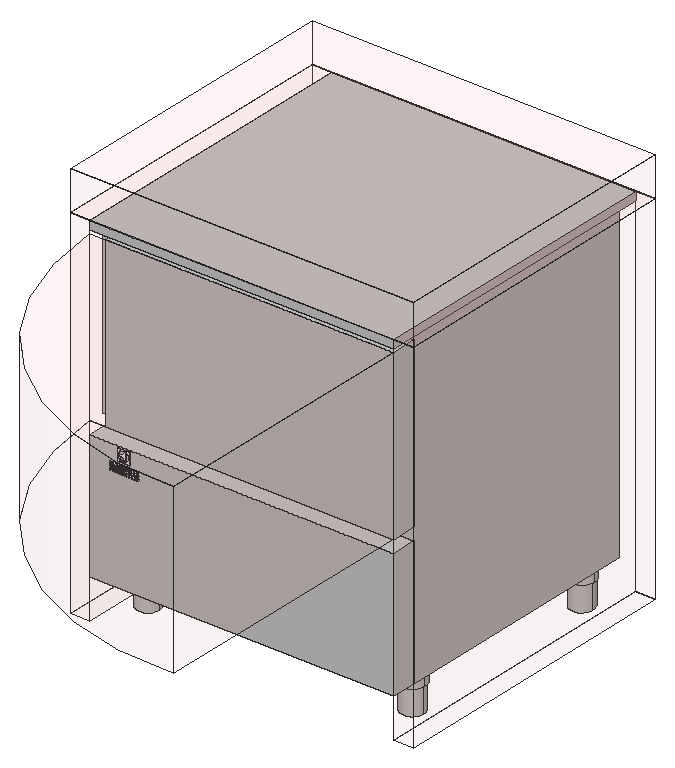
Revit family "QF_ELECTROLUXPROFESSIONAL_725446_ECBCFB025UE", category Attrezzature speciali, Revit 2018
Family settings
  Quota connettore circolare = Usa diametro
  Tipo di parte = Normale
  Basato su piano di lavoro = No
  Sempre verticale = Sì
  Taglio con vuoti quando caricato = No
  Condiviso = No
  Punto di calcolo locali = No
Parameters (values of type "Standard")
  Weight = 85.00 kg
  Watts = 1580 W
  Volts = 220 V
  URL Manufacturer = "https://www.electroluxprofessional.com/"
  URL = "https://www.electroluxprofessional.com/"
  Steam Supply Size = 0 mm
  Steam Supply Minimum Pressure = 0.0 Pa
  Steam Supply Maximum Pressure = 0.0 Pa
  Steam Consumption per Hour = 0
  Show Logo [instance] = yes
  Show Clearance [instance] = yes
  Refrigeration Suction Line Size = 0 mm
  Refrigeration Liquid Line Size = 0 mm
  Refrigerant Compressor Remote = yes
  Produttore = "Electrolux Professional"
  Phase = 1
  Modello = "ECBCFB025UE"
  Length Actual = 762 mm  # constant formula
  Item Number = "725446"
  Hot Water Size = 0 mm
  Height Actual = 902 mm  # constant formula
  HP = "2.1 HP"
  Gas Size = 0 mm
  Gas KW = 0
  Gas Input Pressure = 0 W
  Direct Waste Size = 0 mm
  Descrizione = "BLAST CHILLER/FREEZER CW 25KG 5 GN 1/1 - R448A"
  Depth Actual = 760 mm  # constant formula
  Cycle = 50 Hz
  Condensate Return Size = 0 mm
  Compressed Air Volume = 0.0 L/s
  Compressed Air Size = 0 mm
  Compressed Air Pressure = 0.0 Pa
  Cold Water Size = 0 mm
  Accessory = yes
Types (2, lengths in mm): name | URL | Produttore | Phase | Modello | Descrizione
  (no name) | 0 | 0 | 0 | 0 | 0
  Standard | "https://www.electroluxprofessional.com/" | "Electrolux Professional" | 1 | "ECBCFB025UE" | "BLAST CHILLER/FREEZER CW 25KG 5 GN 1/1 - R448A"
Values of the unnamed type that differ from the named types
  Weight = 0.00 kg
  Watts = 0 W
  Volts = 0 V
  URL Manufacturer = ""
  Item Number = ""
  HP = ""
  Cycle = 0 Hz
Reference planes
  plane 1 "Center X": y = 167.851
  plane 2: z = 0
  plane 3 "Center Y": x = -378
  plane 4 "LEFT": x = -759
  plane 5 "BACK": y = 547.851
  plane 6 "RIGHT": x = 3
  plane 7 "FRONT": y = -212.149
  plane 8: z = 100
  plane 9 "TOP": z = 902
  plane 10: x = -710
  plane 11: y = 440.851
  plane 12: x = -46
  plane 13: y = -52.149
  plane 14: y = 496.851
  plane 15: z = 882
  plane 16: y = -902.149
Forms (mm)
  Extrusion 1, solid, material "QF_Finishes_Stainless Steel"
    sketch origin (0, 0, 902) x (-1, 0, 0) y (0, -1, 0)
      loop
        line (759, -496.851) -> (759, 147.149) -> (-3, 147.149) -> (-3, -496.851) -> (759, -496.851)
    from -20 to -802
  Extrusion 2, solid, material "QF_Finishes_Stainless Steel"
    sketch origin (-499.727, 496.851, 794) x (1, 0, 0) y (0, 0, -1)
      loop
        circle (121.727, 644) r 10.5
    from 0 to 10
  Extrusion 3, solid, material "QF_Finishes_Stainless Steel"
    sketch origin (-1206.916, -1524, 100) x (-1, 0, 0) y (0, -1, 0)
      loop
        line (-447.916, -1311.851) -> (-1209.916, -1311.851) -> (-1209.916, -1376.851) -> (-447.916, -1376.851) -> (-447.916, -1311.851)
    from 320.766 to 0
  Extrusion 4, solid, material "QF_Finishes_Stainless Steel"
    sketch origin (-1225.916, -1562, 130) x (0, -1, 0) y (-1, 0, 0)
      loop
        circle (-1673.851, -847.916) r 9.5
    from 30 to 40
  Extrusion 5, solid, material "QF_Finishes_Stainless Steel"
    sketch origin (-623, 0, 1060.038) x (1, 0, 0) y (0, 1, 0)
      loop
        line (626, -212.149) -> (626, -147.149) -> (-136, -147.149) -> (-136, -212.149) -> (626, -212.149)
    from -186.804 to -608.038
  Extrusion 6, solid, material "QF_Finishes_Stainless Steel"
    sketch origin (-1206.916, -1524, 882) x (-1, 0, 0) y (0, -1, 0)
      loop
        line (-447.916, -2071.851) -> (-447.916, -1311.851) -> (-1209.916, -1311.851) -> (-1209.916, -2071.851) -> (-447.916, -2071.851)
    from 20 to 0
  Extrusion 7, solid, material "QF_Clearance", visible <- "Show Clearance"
    sketch origin (0, 0, 0) x (1, 0, 0) y (0, 1, 0)
      loop
        line (-759, 547.851) -> (-809, 547.851) -> (-809, -212.149) -> (-759, -212.149) -> (-759, 547.851)
      loop
        line (53, 547.851) -> (3, 547.851) -> (3, -212.149) -> (53, -212.149) -> (53, 547.851)
    from 0 to 902
  Extrusion 8, solid, material "QF_Clearance", visible <- "Show Clearance"
    sketch origin (0, 0, 0) x (1, 0, 0) y (0, 1, 0)
      loop
        line (-809, 547.851) -> (-809, -212.149) -> (53, -212.149) -> (53, 547.851) -> (-809, 547.851)
    from 902 to 1002
  Extrusion 9, void
    sketch origin (0, 0, 0) x (1, 0, 0) y (0, 1, 0)
      loop
        line (-759, -212.149) -> (-719, -212.149) -> (-719, -172.149) -> (-759, -172.149) -> (-759, -212.149)
    from 452 to 873.234
  Extrusion 10, solid, material "QF_Clearance"
    sketch origin (0, 0, 0) x (1, 0, 0) y (0, 1, 0)
      loop
        line (3, -902.149) -> (3, -212.149) -> (-759, -212.149)
        arc (-759, -212.149) -> (-521.162, -715.25) -> (3, -902.149) r 725.966
    from 452 to 873.234
Cuts and joins
  joined: Extrusion 1, Extrusion 2, Extrusion 4
  Extrusion 9 cuts Extrusion 3
  Extrusion 9 cuts Extrusion 7
  Extrusion 9 cuts Extrusion 5
Lines and regions (mm)
  Split face 1
    outline origin (3, -212.149, 100) x (-1, 0, 0) y (0, 0, -1)
      loop
        line (762, -254.5) -> (544.5, -254.5) -> (522.858, -232.858) -> (239.142, -232.858) -> (217.5, -254.5) -> (0, -254.5)
  Split face 2
    outline origin (3, -212.149, 100) x (-1, 0, 0) y (0, 0, -1)
      loop
        line (762, -212) -> (0, -212)
  Split face 3
    outline origin (3, -212.149, 100) x (-1, 0, 0) y (0, 0, -1)
      loop
        line (408.5, -305.998) -> (408.5, -290.998) -> (353.5, -290.998) -> (353.5, -305.998) -> (408.5, -305.998)
  Split face 4
    outline origin (3, -212.149, 75) x (-1, 0, 0) y (0, 0, -1)
      loop
        line (408.5, -305.998) -> (408.5, -290.998) -> (353.5, -290.998) -> (353.5, -305.998) -> (408.5, -305.998)
  symbolic lines
    curve 1: line (-759, 547.851, 902) -> (3, 547.851, 902)
    curve 2: line (-759, -212.149, 902) -> (-759, 547.851, 902)
    curve 3: line (3, 547.851, 902) -> (3, -212.149, 902)
    curve 4: line (3, -212.149, 0) -> (-759, -212.149, 0)
  symbolic lines, style "QF_Clearances"
    curve 5: line (-809, 547.851, 0) -> (-809, -212.149, 0)
    curve 6: line (-809, -212.149, 0) -> (-759, -212.149, 0)
    curve 7: line (53, 547.851, 0) -> (3, 547.851, 0)
    curve 8: line (53, 547.851, 0) -> (53, -212.149, 0)
    curve 9: line (-759, 547.851, 0) -> (-809, 547.851, 0)
    curve 10: line (3, -212.149, 0) -> (53, -212.149, 0)
  symbolic lines, style "QF_Door-Drawer Clearances"
    curve 11: arc (-759, -212.149, 0) -> (-521.162, -715.25, 0) -> (3, -902.149, 0) r 725.966
    curve 12: line (3, -902.149, 0) -> (3, -212.149, 0)
Dimensions and locks
  equal spacing: plane 4 "LEFT", plane 3 "Center Y", plane 6 "RIGHT"
  plane 4 "LEFT" to plane 6 "RIGHT" = 762 mm
  plane 5 "BACK" to plane 7 "FRONT" = 760 mm
  equal spacing: plane 5 "BACK", plane 1 "Center X", plane 7 "FRONT"
  cut or joined group of Extrusion 1, Extrusion 2, Extrusion 4 to Extrusion 2 sketch curve = 381 mm
  level to Extrusion 2 sketch curve = 150 mm
  plane 5 "BACK" to Extrusion 4 sketch curve = 436 mm
  plane 4 "LEFT" to Extrusion 4 sketch curve = 381 mm
  Extrusion 2 sketch curve to plane 4 "LEFT" = 381 mm
  plane 9 "TOP" to plane 2 = 902 mm
  locked: plane 9 "TOP" to plane 15 at 20
  plane 8 to level = 100 mm
  plane 6 "RIGHT" to plane 12 = 49 mm
  plane 5 "BACK" to plane 14 = 51 mm
  plane 5 "BACK" to plane 16 = 1450 mm
  aligned and locked: level to plane 2
  aligned and locked: plane 12 to nested 3
  aligned and locked: plane 12 to nested 2
  aligned and locked: nested 4 to plane 11
  aligned and locked: nested 3 to plane 11
  aligned and locked: Extrusion 1 to plane 4 "LEFT"
  aligned and locked: plane 6 "RIGHT" to Extrusion 1
  aligned and locked: plane 15 to cut or joined group of Extrusion 1, Extrusion 2, Extrusion 4
  aligned and locked: plane 14 to Extrusion 1
  aligned and locked: Extrusion 8 sketch curve to Extrusion 7  (x4)
  aligned and locked: Extrusion 8 to plane 9 "TOP"
Automatic sketch dimensions
  Extrusion 1 sketch curve to plane 6 "RIGHT" = 0 mm
  Extrusion 1 sketch curve to plane 4 "LEFT" = 0 mm
  Extrusion 1 sketch curve to plane 14 = 0 mm
  plane 7 "FRONT" to Extrusion 1 sketch curve = 65 mm
  curve 1 to plane 5 "BACK" = 0 mm
  curve 1 to plane 6 "RIGHT" = 0 mm
  curve 2 to plane 4 "LEFT" = 0 mm
  curve 3 to plane 7 "FRONT" = 0 mm
  curve 2 to plane 7 "FRONT" = 0 mm
  Extrusion 3 sketch curve to plane 6 "RIGHT" = 0 mm
  Extrusion 3 sketch curve to plane 4 "LEFT" = 0 mm
  Extrusion 3 sketch curve to plane 7 "FRONT" = 0 mm
  Extrusion 3 sketch curve to Extrusion 3 sketch curve = 65 mm
  Extrusion 5 sketch curve to plane 7 "FRONT" = 0 mm
  Extrusion 5 sketch curve to plane 10 = 49 mm
  Extrusion 5 sketch curve to plane 6 "RIGHT" = 0 mm
  Extrusion 5 sketch curve to Extrusion 5 sketch curve = 65 mm
  Extrusion 6 sketch curve to plane 5 "BACK" = 0 mm
  Extrusion 6 sketch curve to plane 6 "RIGHT" = 0 mm
  Extrusion 6 sketch curve to plane 4 "LEFT" = 0 mm
  Extrusion 6 sketch curve to plane 7 "FRONT" = 0 mm
  Split face 2 sketch curve to Extrusion 3 = 0 mm
  Extrusion 3 to Split face 2 sketch curve = 0 mm
  Split face 2 sketch curve to Extrusion 3 = 108.766 mm
  Split face 3 sketch curve to Extrusion 3 = 14.768 mm
  Split face 3 sketch curve to Extrusion 3 = 353.5 mm
  Split face 3 sketch curve to Split face 3 sketch curve = 55 mm
  Split face 3 sketch curve to Split face 3 sketch curve = 15 mm
  Split face 4 sketch curve to Extrusion 3 = 39.768 mm
  Split face 4 sketch curve to Extrusion 3 = 353.5 mm
  Split face 4 sketch curve to Split face 4 sketch curve = 55 mm
  Split face 4 sketch curve to Split face 4 sketch curve = 15 mm
  Extrusion 7 sketch curve to plane 7 "FRONT" = 0 mm  (x2)
  Extrusion 7 sketch curve to plane 5 "BACK" = 0 mm  (x2)
  Extrusion 7 sketch curve to plane 4 "LEFT" = 0 mm
  Extrusion 7 sketch curve to plane 6 "RIGHT" = 0 mm
  Extrusion 7 sketch curve to Extrusion 7 sketch curve = 50 mm
  plane 6 "RIGHT" to Extrusion 7 sketch curve = 50 mm
  curve 6 to plane 7 "FRONT" = 0 mm
  curve 5 to plane 5 "BACK" = 0 mm
  plane 6 "RIGHT" to curve 8 = 50 mm
  curve 7 to plane 5 "BACK" = 0 mm
  curve 6 to plane 4 "LEFT" = 0 mm
  curve 9 to plane 4 "LEFT" = 0 mm
  curve 9 to curve 9 = 50 mm
  curve 7 to plane 6 "RIGHT" = 0 mm
  Extrusion 9 sketch curve to plane 4 "LEFT" = 0 mm
  Extrusion 9 sketch curve to plane 7 "FRONT" = 0 mm
  Extrusion 9 sketch curve to plane 10 = 9 mm
  plane 7 "FRONT" to Extrusion 9 sketch curve = 40 mm
  Extrusion 10 sketch curve to plane 4 "LEFT" = 0 mm
  Extrusion 10 sketch curve to plane 6 "RIGHT" = 0 mm
  Extrusion 10 sketch curve to plane 16 = 0 mm
  Extrusion 10 sketch curve to plane 7 "FRONT" = 0 mm
  plane 12 to Extrusion 10 sketch curve = 12.12 mm
  curve 11 to plane 6 "RIGHT" = 0 mm
  curve 11 to plane 16 = 0 mm
  plane 12 to curve 11 = 12.12 mm
  Split face 1 sketch curve to Extrusion 3 = 0 mm
  Extrusion 3 to Split face 1 sketch curve = 0 mm
  Split face 1 sketch curve to Extrusion 3 = 66.266 mm
  Split face 1 sketch curve to Extrusion 3 = 217.5 mm
  Split face 1 sketch curve to Split face 1 sketch curve = 21.642 mm  (x3)
  Split face 1 sketch curve to Extrusion 3 = 87.908 mm
  Split face 1 sketch curve to Extrusion 3 = 239.142 mm
  radius of Extrusion 2 sketch curve = 10.5 mm
  radius of Extrusion 4 sketch curve = 9.5 mm
Nested families
  nested 1: "Foot_Complete" at (-710, -91.149, 0), type "Foot_Complete"
    with H 100 mm
  nested 2: "Foot_Complete" at (-46, -91.149, 0), type "Foot_Complete"
    with H 100 mm
  nested 3: "Foot_Complete" at (-46, 440.851, 0), type "Foot_Complete"
    with H 100 mm
  nested 4: "Foot_Complete" at (-710, 440.851, 0), type "Foot_Complete"
    with H 100 mm
  nested 5: "ELX_Pro_Logo" at (-673, -212.149, 384.5) x (1, 0, 0) z (0, -1, 0), type "ELX_Pro_Logo"
Connectors
  electrical at (-378, 506.851, 150), driven by "Volts"
    settings: on Extrusion 2, index 5, voltage 220 V, apparent load 0 VA, apparent load phase1 0 VA, apparent load phase2 0 VA, apparent load phase3 0 VA, power factor 1, load classification "Altro", number of poles 1, system type 30, power factor state 1, is connector primary yes, connector utility no, sub classification motor no, connector description "Electrical Connection"
  piping at (-378, 111.851, 90), diameter 19
    settings: on cut or joined group of Extrusion 1, Extrusion 2, Extrusion 4, index 6, connector inside diameter 609.6 mm, connector length 0 mm, flow factor 0, pipe flow 0.0 L/s, pressure drop 0.0 Pa, fitting loss kfactor 0, connector angle 0.00°, fixture units 0, engagement length 0 mm, angle of deflection 0.00°, flow configuration 1, flow direction 2, fitting loss method 0, system type 16, joint type 0, gender type 0, connector reference index -1, connector utility 0, adjustable connector no, is connector primary yes, connector description "Drain"
Definition of nested family "Foot_Complete"
  Parameters
    R = 32 mm
    H = 150 mm
  Reference planes
    plane 1 "Centro (Fronte/Retro)": y = 0
    plane 2: z = 0
    plane 3 "Centro (Sinistra/Destra)": x = 0
    plane 4: z = 150
  Forms (mm)
    Revolve 1, solid
      sketch origin (255.05, 0, 608.09) x (0, 0, 1) y (-1, 0, 0)
        loop
          line (-608.09, 255.05) -> (-608.09, 226.55) -> (-544.09, 226.55) -> (-544.09, 223.05) -> (-458.09, 223.05) -> (-458.09, 255.05) -> (-608.09, 255.05)
        axis (-608.09, 255.05) -> (-458.09, 255.05)
      angle from 0 to 360
  Dimensions and locks
    locked: level to Revolve 1 sketch curve at 64
    "R": Revolve 1 sketch curve to plane 3 "Centro (Sinistra/Destra)"
    "H": plane 4 to level
    aligned and locked: level to plane 2
    aligned and locked: plane 4 to Revolve 1 sketch curve
    aligned and locked: Revolve 1 sketch curve to level
    aligned and locked: plane 3 "Centro (Sinistra/Destra)" to Revolve 1 sketch curve
  Automatic sketch dimensions
    Revolve 1 sketch curve to plane 3 "Centro (Sinistra/Destra)" = 0 mm
    plane 3 "Centro (Sinistra/Destra)" to Revolve 1 sketch curve = 28.5 mm
    Revolve 1 sketch curve to Revolve 1 sketch curve = 50 mm
    Revolve 1 sketch curve to Revolve 1 sketch curve = 20 mm
Definition of nested family "ELX_Pro_Logo"
  Parameters (values of type "ELX_Pro_Logo")
    M = none
    Default Elevation = 0 mm
  Reference planes
    plane 1 "Centro (Fronte/Retro)": y = 0
    plane 2: z = 0
    plane 3 "Centro (Sinistra/Destra)": x = 0
  Forms (mm)
    Extrusion 1, solid
      sketch origin (0, 0, 0) x (1, 0, 0) y (0, 1, 0)
        loop
          line (-1219.2, 1219.2) -> (-1219.2, -1219.2) -> (1219.2, -1219.2) -> (1219.2, 1219.2) -> (-1219.2, 1219.2)
      from 0 to -304.8
    Extrusion 2, solid, material <- "M"
      sketch origin (-144.622, -1081.55, 0) x (-1, 0, 0) y (0, -1, 0)
        loop
          line (-111.329, -1069.559) -> (-111.329, -1071.073) -> (-116.048, -1071.073) -> (-116.048, -1072.896) -> (-111.328, -1072.896) -> (-111.328, -1075.549) -> (-116.349, -1075.549) -> (-116.349, -1077.368) -> (-109.396, -1077.368) -> (-109.396, -1073.46) -> (-109.396, -1069.659)
          arc (-109.396, -1069.659) -> (-110.425, -1067.175) -> (-112.909, -1066.146) r 3.513
          line (-112.909, -1066.146) -> (-116.483, -1066.146) -> (-116.483, -1067.963) -> (-112.925, -1067.963)
          arc (-112.925, -1067.963) -> (-111.797, -1068.431) -> (-111.329, -1069.559) r 1.596
        loop
          line (-119.79, -1077.358) -> (-117.856, -1077.358) -> (-117.856, -1072.053) -> (-117.856, -1066.132) -> (-119.79, -1066.132) -> (-119.79, -1072.092) -> (-119.79, -1077.358)
        loop
          line (-122.986, -1069.718) -> (-129.327, -1069.718)
          arc (-129.327, -1069.718) -> (-129.219, -1071.449) -> (-128.497, -1073.026) r 4.757
          arc (-128.497, -1073.026) -> (-125.237, -1074.5) -> (-121.978, -1073.026) r 4.34
          arc (-121.978, -1073.026) -> (-121.072, -1070.207) -> (-121.978, -1067.388) r 4.838
          arc (-121.978, -1067.388) -> (-125.393, -1065.933) -> (-128.809, -1067.388) r 4.737
          line (-128.809, -1067.388) -> (-127.645, -1068.52)
          arc (-127.645, -1068.52) -> (-125.509, -1067.576) -> (-123.374, -1068.52) r 2.888
          arc (-123.374, -1068.52) -> (-123.05, -1069.077) -> (-122.986, -1069.718) r 1.527
        loop
          arc (-127.386, -1071.076) -> (-126.67, -1072.331) -> (-125.331, -1072.872) r 2.201
          arc (-125.331, -1072.872) -> (-123.848, -1072.402) -> (-123.033, -1071.076) r 2.23
          line (-123.033, -1071.076) -> (-127.386, -1071.076)
        loop
          line (-136.862, -1071.886) -> (-138.059, -1073.132)
          arc (-138.059, -1073.132) -> (-130.327, -1070.219) -> (-138.059, -1067.306) r 4.415
          line (-138.059, -1067.306) -> (-136.862, -1068.553)
          arc (-136.862, -1068.553) -> (-132.252, -1070.22) -> (-136.862, -1071.886) r 2.606
        loop
          line (-141.192, -1069.673) -> (-141.192, -1072.494) -> (-142.951, -1072.494) -> (-142.951, -1074.25) -> (-141.195, -1074.25) -> (-141.195, -1077.358) -> (-139.262, -1077.358) -> (-139.262, -1073.332) -> (-139.262, -1069.514)
          arc (-139.262, -1069.514) -> (-140.299, -1066.92) -> (-142.98, -1066.132) r 3.196
          line (-142.98, -1066.132) -> (-142.987, -1067.949)
          arc (-142.987, -1067.949) -> (-141.652, -1068.356) -> (-141.192, -1069.673) r 1.542
        loop
          line (-146.494, -1073.042) -> (-146.494, -1074.25) -> (-144.576, -1074.25) -> (-144.576, -1070.271) -> (-144.576, -1066.132) -> (-146.494, -1066.132) -> (-146.494, -1070.401)
          arc (-146.494, -1070.401) -> (-147.446, -1072.228) -> (-149.489, -1072.494) r 2.229
          line (-149.489, -1072.494) -> (-149.489, -1074.362)
          arc (-149.489, -1074.362) -> (-147.761, -1074.226) -> (-146.494, -1073.042) r 2.627
        loop
          line (-159.833, -1072.246) -> (-159.833, -1066.131) -> (-161.767, -1066.131) -> (-161.767, -1072.17) -> (-161.767, -1077.359) -> (-159.833, -1077.359) -> (-159.833, -1072.246)
        loop
          line (-165.194, -1069.514) -> (-165.194, -1074.25) -> (-163.245, -1074.25) -> (-163.245, -1071.898) -> (-163.245, -1069.098)
          arc (-163.245, -1069.098) -> (-166.96, -1065.769) -> (-170.687, -1069.085) r 3.745
          line (-170.687, -1069.085) -> (-170.687, -1071.898) -> (-170.687, -1074.25) -> (-168.739, -1074.25) -> (-168.739, -1069.514)
          arc (-168.739, -1069.514) -> (-166.967, -1067.742) -> (-165.194, -1069.514) r 1.772
        loop
          line (-174.654, -1070.416) -> (-172.975, -1068.078) -> (-171.578, -1066.131) -> (-173.656, -1066.131) -> (-175.717, -1068.999) -> (-177.779, -1066.131) -> (-179.857, -1066.131) -> (-178, -1068.728) -> (-176.781, -1070.433) -> (-178.29, -1072.488) -> (-179.583, -1074.25) -> (-177.473, -1074.25) -> (-175.717, -1071.818) -> (-173.945, -1074.25) -> (-171.852, -1074.25) -> (-173.052, -1072.608) -> (-174.654, -1070.416)
        loop
          circle (-154.223, -1070.188) r 2.508
        loop
          circle (-154.223, -1070.188) r 4.42
        loop
          line (-110.224, -1058.542) -> (-111.194, -1058.542)
          arc (-111.194, -1058.542) -> (-112.217, -1059.95) -> (-110.924, -1061.114) r 1.3
          line (-110.924, -1061.114) -> (-109.424, -1061.114) -> (-109.424, -1057.223) -> (-110.224, -1057.223) -> (-110.224, -1058.542)
        loop
          line (-110.224, -1060.379) -> (-110.224, -1059.293) -> (-111.03, -1059.293)
          arc (-111.03, -1059.293) -> (-111.43, -1059.836) -> (-111.03, -1060.379) r 0.569
          line (-111.03, -1060.379) -> (-110.224, -1060.379)
        loop
          line (-116.302, -1058.564) -> (-117.128, -1058.564) -> (-117.934, -1057.223) -> (-118.841, -1057.223) -> (-117.833, -1058.884)
          arc (-117.833, -1058.884) -> (-118.214, -1060.282) -> (-117.028, -1061.114) r 1.26
          line (-117.028, -1061.114) -> (-115.503, -1061.114) -> (-115.503, -1057.223) -> (-116.302, -1057.223) -> (-116.302, -1058.564)
        loop
          line (-116.302, -1060.379) -> (-116.302, -1059.293) -> (-117.109, -1059.293)
          arc (-117.109, -1059.293) -> (-117.508, -1059.836) -> (-117.109, -1060.379) r 0.569
          line (-117.109, -1060.379) -> (-116.302, -1060.379)
        loop
          line (-128.923, -1057.223) -> (-129.723, -1057.223) -> (-129.723, -1058.714) -> (-131.187, -1058.714) -> (-131.187, -1059.514) -> (-129.723, -1059.514) -> (-129.723, -1060.314) -> (-131.327, -1060.314) -> (-131.327, -1061.114) -> (-128.923, -1061.114) -> (-128.923, -1057.223)
        loop
          arc (-134.628, -1058.469) -> (-134.992, -1057.588) -> (-135.874, -1057.223) r 1.246
          line (-135.874, -1057.223) -> (-137.13, -1057.223) -> (-137.13, -1058.023) -> (-135.969, -1058.023)
          arc (-135.969, -1058.023) -> (-135.53, -1058.237) -> (-135.427, -1058.714) r 0.558
          line (-135.427, -1058.714) -> (-136.984, -1058.714) -> (-136.984, -1059.514) -> (-135.427, -1059.514) -> (-135.427, -1060.314) -> (-137.092, -1060.314) -> (-137.092, -1061.114) -> (-134.628, -1061.114) -> (-134.628, -1058.469)
        loop
          line (-152.3, -1057.223) -> (-153.1, -1057.223) -> (-153.1, -1061.114) -> (-152.3, -1061.114) -> (-152.3, -1057.223)
        loop
          line (-164.67, -1057.223) -> (-164.67, -1059.67) -> (-166.45, -1057.223) -> (-167.25, -1057.223) -> (-167.25, -1061.114) -> (-166.42, -1061.114) -> (-166.42, -1058.594) -> (-164.64, -1061.114) -> (-163.84, -1061.114) -> (-163.84, -1057.223) -> (-164.67, -1057.223)
        loop
          line (-170.403, -1057.223) -> (-171.262, -1057.223) -> (-171.641, -1058.063) -> (-173.08, -1058.063) -> (-173.459, -1057.223) -> (-174.317, -1057.223) -> (-172.796, -1061.113) -> (-171.996, -1061.113) -> (-170.403, -1057.223)
        loop
          line (-177.493, -1057.223) -> (-179.789, -1057.223) -> (-179.789, -1058.023) -> (-178.293, -1058.023) -> (-178.293, -1061.114) -> (-177.493, -1061.114) -> (-177.493, -1057.223)
        loop
          line (-172.362, -1059.848) -> (-171.945, -1058.83) -> (-172.76, -1058.83) -> (-172.362, -1059.848)
        loop
          circle (-158.484, -1059.145) r 1.288
        loop
          circle (-158.484, -1059.145) r 2.065
        loop
          arc (-146.04, -1058.095) -> (-146.933, -1057.275) -> (-148.145, -1057.245) r 1.725
          arc (-148.145, -1057.245) -> (-148.965, -1058.02) -> (-148.68, -1059.111) r 1.107
          arc (-148.68, -1059.111) -> (-148.103, -1059.465) -> (-147.486, -1059.746) r 5.523
          arc (-147.486, -1059.746) -> (-147.147, -1060.262) -> (-147.708, -1060.52) r 0.407
          arc (-147.708, -1060.52) -> (-148.045, -1060.315) -> (-148.325, -1060.038) r 1.702
          line (-148.325, -1060.038) -> (-149.011, -1060.45)
          arc (-149.011, -1060.45) -> (-148.578, -1060.911) -> (-148.043, -1061.247) r 2.463
          arc (-148.043, -1061.247) -> (-146.373, -1060.466) -> (-147.42, -1058.949) r 1.207
          spline (-147.42, -1058.949) -> (-147.716, -1058.809) -> (-147.932, -1058.678) -> (-148.077, -1058.557) -> (-148.163, -1058.446) -> (-148.198, -1058.347) -> (-148.192, -1058.258) -> (-148.157, -1058.182) -> (-148.102, -1058.118) -> (-148.037, -1058.068) -> (-147.972, -1058.031) -> (-147.917, -1058.008) -> (-147.883, -1058)
          arc (-147.883, -1058) -> (-147.238, -1058.014) -> (-146.759, -1058.446) r 0.925
          line (-146.759, -1058.446) -> (-146.04, -1058.095)
        loop
          arc (-140.18, -1058.095) -> (-141.073, -1057.275) -> (-142.285, -1057.245) r 1.725
          arc (-142.285, -1057.245) -> (-143.106, -1058.02) -> (-142.821, -1059.111) r 1.107
          arc (-142.821, -1059.111) -> (-142.243, -1059.465) -> (-141.627, -1059.746) r 5.523
          arc (-141.627, -1059.746) -> (-141.287, -1060.262) -> (-141.849, -1060.52) r 0.407
          arc (-141.849, -1060.52) -> (-142.185, -1060.315) -> (-142.466, -1060.038) r 1.702
          line (-142.466, -1060.038) -> (-143.151, -1060.45)
          arc (-143.151, -1060.45) -> (-142.719, -1060.911) -> (-142.183, -1061.247) r 2.463
          arc (-142.183, -1061.247) -> (-140.513, -1060.466) -> (-141.56, -1058.949) r 1.207
          spline (-141.56, -1058.949) -> (-141.856, -1058.809) -> (-142.072, -1058.678) -> (-142.218, -1058.557) -> (-142.303, -1058.446) -> (-142.338, -1058.347) -> (-142.333, -1058.258) -> (-142.298, -1058.182) -> (-142.242, -1058.118) -> (-142.177, -1058.068) -> (-142.112, -1058.031) -> (-142.057, -1058.008) -> (-142.023, -1058)
          arc (-142.023, -1058) -> (-141.378, -1058.014) -> (-140.9, -1058.446) r 0.925
          line (-140.9, -1058.446) -> (-140.18, -1058.095)
        loop
          circle (-123.484, -1059.145) r 1.288
        loop
          circle (-123.484, -1059.145) r 2.065
        loop
          line (-130.225, -1113.361) -> (-130.225, -1084.645) -> (-158.979, -1084.645) -> (-158.979, -1113.361) -> (-130.225, -1113.361)
        loop
          arc (-148.442, -1086.055) -> (-157.992, -1098.973) -> (-148.442, -1111.892) r 13.512
          line (-148.442, -1111.892) -> (-148.442, -1086.055)
        loop
          line (-147.127, -1086.055) -> (-147.127, -1087.926)
          arc (-147.127, -1087.926) -> (-143.116, -1095.125) -> (-135.48, -1098.224) r 12.412
          line (-135.48, -1098.224) -> (-131.205, -1098.224)
          arc (-131.205, -1098.224) -> (-136.382, -1088.497) -> (-147.127, -1086.055) r 13.242
        loop
          line (-147.127, -1110.021) -> (-147.127, -1112.224)
          arc (-147.127, -1112.224) -> (-136.374, -1109.53) -> (-131.205, -1099.722) r 13.588
          line (-131.205, -1099.722) -> (-135.48, -1099.722)
          arc (-135.48, -1099.722) -> (-143.116, -1102.822) -> (-147.127, -1110.021) r 12.412
      from 0 to 1.6
  Lines and regions (mm)
    symbolic lines
      curve 1: line (-14.357, 31.811, 0) -> (14.357, 31.811, 0)
      curve 2: line (-14.357, 3.095, 0) -> (-14.357, 31.811, 0)
      curve 3: line (14.357, 3.095, 0) -> (-14.357, 3.095, 0)
      curve 4: line (14.357, 31.811, 0) -> (14.357, 3.095, 0)
      curve 5: line (-8.32, 7.722, 0) -> (-9.387, 8.738, 0)
      curve 6: line (-9.387, 8.738, 0) -> (-10.331, 9.866, 0)
      curve 7: line (-10.331, 9.866, 0) -> (-11.141, 11.095, 0)
      curve 8: line (-11.141, 11.095, 0) -> (-11.805, 12.411, 0)
      curve 9: line (-11.805, 12.411, 0) -> (-12.31, 13.803, 0)
      curve 10: line (-12.31, 13.803, 0) -> (-12.646, 15.26, 0)
      curve 11: line (-12.646, 15.26, 0) -> (-12.8, 16.77, 0)
      curve 12: line (-12.8, 16.77, 0) -> (-10.081, 16.77, 0)
      curve 13: line (-10.081, 16.77, 0) -> (-8.466, 16.661, 0)
      curve 14: line (-8.466, 16.661, 0) -> (-6.88, 16.344, 0)
      curve 15: line (-6.88, 16.344, 0) -> (-5.345, 15.833, 0)
      curve 16: line (-5.345, 15.833, 0) -> (-3.882, 15.143, 0)
      curve 17: line (-3.882, 15.143, 0) -> (-2.511, 14.288, 0)
      curve 18: line (-2.511, 14.288, 0) -> (-1.255, 13.283, 0)
      curve 19: line (-1.255, 13.283, 0) -> (-0.135, 12.143, 0)
      curve 20: line (-0.135, 12.143, 0) -> (0.83, 10.882, 0)
      curve 21: line (0.83, 10.882, 0) -> (1.616, 9.515, 0)
      curve 22: arc (1.616, 9.515, 0) -> (2.419, 7.28, 0) -> (2.7, 4.923, 0) r 10.532
      curve 23: arc (2.7, 4.923, 0) -> (1.362, 4.715, 0) -> (0.011, 4.633, 0) r 14.39
      curve 24: line (0.011, 4.633, 0) -> (-1.56, 4.731, 0)
      curve 25: line (-1.56, 4.731, 0) -> (-3.062, 5.011, 0)
      curve 26: line (-3.062, 5.011, 0) -> (-4.502, 5.462, 0)
      curve 27: line (-4.502, 5.462, 0) -> (-5.866, 6.072, 0)
      curve 28: line (-5.866, 6.072, 0) -> (-7.142, 6.829, 0)
      curve 29: line (-7.142, 6.829, 0) -> (-8.32, 7.722, 0)
      curve 30: line (-10.802, 24.24, 0) -> (-9.872, 25.531, 0)
      curve 31: line (-9.872, 25.531, 0) -> (-8.796, 26.699, 0)
      curve 32: line (-8.796, 26.699, 0) -> (-7.587, 27.728, 0)
      curve 33: line (-7.587, 27.728, 0) -> (-6.258, 28.602, 0)
      curve 34: line (-6.258, 28.602, 0) -> (-4.823, 29.309, 0)
      curve 35: line (-4.823, 29.309, 0) -> (-3.293, 29.832, 0)
      curve 36: line (-3.293, 29.832, 0) -> (-1.683, 30.156, 0)
      curve 37: arc (-1.683, 30.156, 0) -> (0.517, 30.256, 0) -> (2.702, 29.984, 0) r 13.008
      curve 38: arc (2.702, 29.984, 0) -> (2.453, 27.616, 0) -> (1.617, 25.387, 0) r 9.395
      curve 39: line (1.617, 25.387, 0) -> (0.83, 24.018, 0)
      curve 40: line (0.83, 24.018, 0) -> (-0.134, 22.756, 0)
      curve 41: line (-0.134, 22.756, 0) -> (-1.255, 21.615, 0)
      curve 42: line (-1.255, 21.615, 0) -> (-2.512, 20.609, 0)
      curve 43: line (-2.512, 20.609, 0) -> (-3.882, 19.754, 0)
      curve 44: line (-3.882, 19.754, 0) -> (-5.346, 19.063, 0)
      curve 45: line (-5.346, 19.063, 0) -> (-6.881, 18.551, 0)
      curve 46: line (-6.881, 18.551, 0) -> (-8.467, 18.234, 0)
      curve 47: line (-8.467, 18.234, 0) -> (-10.083, 18.125, 0)
      curve 48: line (-10.083, 18.125, 0) -> (-12.798, 18.125, 0)
      curve 49: line (-12.798, 18.125, 0) -> (-12.584, 19.768, 0)
      curve 50: line (-12.584, 19.768, 0) -> (-12.171, 21.343, 0)
      curve 51: line (-12.171, 21.343, 0) -> (-11.572, 22.839, 0)
      curve 52: line (-11.572, 22.839, 0) -> (-10.802, 24.24, 0)
      curve 53: line (4.048, 5.294, 0) -> (4.048, 29.617, 0)
      curve 54: line (4.048, 29.617, 0) -> (5.525, 29.026, 0)
      curve 55: line (5.525, 29.026, 0) -> (6.905, 28.26, 0)
      curve 56: line (6.905, 28.26, 0) -> (8.174, 27.332, 0)
      curve 57: line (8.174, 27.332, 0) -> (9.318, 26.256, 0)
      curve 58: line (9.318, 26.256, 0) -> (10.323, 25.046, 0)
      curve 59: line (10.323, 25.046, 0) -> (11.177, 23.715, 0)
      curve 60: line (11.177, 23.715, 0) -> (11.865, 22.277, 0)
      curve 61: line (11.865, 22.277, 0) -> (12.375, 20.746, 0)
      curve 62: line (12.375, 20.746, 0) -> (12.693, 19.135, 0)
      curve 63: line (12.693, 19.135, 0) -> (12.804, 17.459, 0)
      curve 64: line (12.804, 17.459, 0) -> (12.702, 15.807, 0)
      curve 65: line (12.702, 15.807, 0) -> (12.396, 14.216, 0)
      curve 66: line (12.396, 14.216, 0) -> (11.897, 12.7, 0)
      curve 67: line (11.897, 12.7, 0) -> (11.218, 11.271, 0)
      curve 68: line (11.218, 11.271, 0) -> (10.372, 9.944, 0)
      curve 69: line (10.372, 9.944, 0) -> (9.37, 8.731, 0)
      curve 70: line (9.37, 8.731, 0) -> (8.224, 7.646, 0)
      curve 71: line (8.224, 7.646, 0) -> (6.947, 6.703, 0)
      curve 72: line (6.947, 6.703, 0) -> (5.551, 5.914, 0)
      curve 73: line (5.551, 5.914, 0) -> (4.048, 5.294, 0)
      curve 74: line (-35.227, -8.09, 0) -> (-35.227, -11.891, 0)
      curve 75: arc (-35.227, -11.891, 0) -> (-34.198, -14.375, 0) -> (-31.714, -15.404, 0) r 3.513
      curve 76: line (-31.714, -15.404, 0) -> (-28.139, -15.404, 0)
      curve 77: line (-28.139, -15.404, 0) -> (-28.139, -13.587, 0)
      curve 78: line (-28.139, -13.587, 0) -> (-31.697, -13.587, 0)
      curve 79: arc (-31.697, -13.587, 0) -> (-32.826, -13.119, 0) -> (-33.293, -11.991, 0) r 1.596
      curve 80: line (-33.293, -11.991, 0) -> (-33.293, -10.477, 0)
      curve 81: line (-33.293, -10.477, 0) -> (-28.574, -10.477, 0)
      curve 82: line (-28.574, -10.477, 0) -> (-28.574, -8.654, 0)
      curve 83: line (-28.574, -8.654, 0) -> (-33.294, -8.654, 0)
      curve 84: line (-33.294, -8.654, 0) -> (-33.294, -6.001, 0)
      curve 85: line (-33.294, -6.001, 0) -> (-28.273, -6.001, 0)
      curve 86: line (-28.273, -6.001, 0) -> (-28.273, -4.182, 0)
      curve 87: line (-28.273, -4.182, 0) -> (-35.227, -4.182, 0)
      curve 88: line (-35.227, -4.182, 0) -> (-35.227, -8.09, 0)
      curve 89: line (-24.833, -9.458, 0) -> (-24.833, -4.192, 0)
      curve 90: line (-24.833, -4.192, 0) -> (-26.766, -4.192, 0)
      curve 91: line (-26.766, -4.192, 0) -> (-26.766, -9.497, 0)
      curve 92: line (-26.766, -9.497, 0) -> (-26.766, -15.418, 0)
      curve 93: line (-26.766, -15.418, 0) -> (-24.833, -15.418, 0)
      curve 94: line (-24.833, -15.418, 0) -> (-24.833, -9.458, 0)
      curve 95: arc (-16.125, -8.524, 0) -> (-19.385, -7.05, 0) -> (-22.645, -8.524, 0) r 4.34
      curve 96: arc (-22.645, -8.524, 0) -> (-23.551, -11.343, 0) -> (-22.645, -14.162, 0) r 4.838
      curve 97: arc (-22.645, -14.162, 0) -> (-19.229, -15.617, 0) -> (-15.813, -14.162, 0) r 4.737
      curve 98: line (-15.813, -14.162, 0) -> (-16.978, -13.03, 0)
      curve 99: arc (-16.978, -13.03, 0) -> (-19.113, -13.974, 0) -> (-21.249, -13.03, 0) r 2.888
      curve 100: arc (-21.249, -13.03, 0) -> (-21.572, -12.473, 0) -> (-21.637, -11.832, 0) r 1.527
      curve 101: line (-21.637, -11.832, 0) -> (-15.295, -11.832, 0)
      curve 102: arc (-15.295, -11.832, 0) -> (-15.404, -10.101, 0) -> (-16.125, -8.524, 0) r 4.757
      curve 103: line (-17.236, -10.474, 0) -> (-21.589, -10.474, 0)
      curve 104: arc (-21.589, -10.474, 0) -> (-20.774, -9.148, 0) -> (-19.291, -8.678, 0) r 2.23
      curve 105: arc (-19.291, -8.678, 0) -> (-17.952, -9.219, 0) -> (-17.236, -10.474, 0) r 2.201
      curve 106: arc (-6.563, -8.418, 0) -> (-14.295, -11.331, 0) -> (-6.563, -14.244, 0) r 4.415
      curve 107: line (-6.563, -14.244, 0) -> (-7.761, -12.997, 0)
      curve 108: arc (-7.761, -12.997, 0) -> (-12.371, -11.33, 0) -> (-7.761, -9.664, 0) r 2.606
      curve 109: line (-7.761, -9.664, 0) -> (-6.563, -8.418, 0)
      curve 110: line (-5.361, -4.192, 0) -> (-5.361, -8.218, 0)
      curve 111: line (-5.361, -8.218, 0) -> (-5.361, -12.036, 0)
      curve 112: arc (-5.361, -12.036, 0) -> (-4.323, -14.63, 0) -> (-1.642, -15.418, 0) r 3.196
      curve 113: line (-1.642, -15.418, 0) -> (-1.636, -13.601, 0)
      curve 114: arc (-1.636, -13.601, 0) -> (-2.97, -13.194, 0) -> (-3.43, -11.877, 0) r 1.542
      curve 115: line (-3.43, -11.877, 0) -> (-3.43, -9.056, 0)
      curve 116: line (-3.43, -9.056, 0) -> (-1.672, -9.056, 0)
      curve 117: line (-1.672, -9.056, 0) -> (-1.672, -7.299, 0)
      curve 118: line (-1.672, -7.299, 0) -> (-3.427, -7.299, 0)
      curve 119: line (-3.427, -7.299, 0) -> (-3.427, -4.192, 0)
      curve 120: line (-3.427, -4.192, 0) -> (-5.361, -4.192, 0)
      curve 121: line (1.872, -7.3, 0) -> (-0.046, -7.3, 0)
      curve 122: line (-0.046, -7.3, 0) -> (-0.046, -11.279, 0)
      curve 123: line (-0.046, -11.279, 0) -> (-0.046, -15.418, 0)
      curve 124: line (-0.046, -15.418, 0) -> (1.872, -15.418, 0)
      curve 125: line (1.872, -15.418, 0) -> (1.872, -11.149, 0)
      curve 126: arc (1.872, -11.149, 0) -> (2.824, -9.322, 0) -> (4.867, -9.056, 0) r 2.229
      curve 127: line (4.867, -9.056, 0) -> (4.867, -7.188, 0)
      curve 128: arc (4.867, -7.188, 0) -> (3.138, -7.324, 0) -> (1.872, -8.508, 0) r 2.627
      curve 129: line (1.872, -8.508, 0) -> (1.872, -7.3, 0)
      curve 130: arc (7.092, -11.362, 0) -> (9.601, -8.854, 0) -> (12.109, -11.362, 0) r 2.508
      curve 131: arc (12.109, -11.362, 0) -> (9.601, -13.871, 0) -> (7.092, -11.362, 0) r 2.508
      curve 132: arc (5.18, -11.362, 0) -> (9.601, -15.783, 0) -> (14.021, -11.362, 0) r 4.42
      curve 133: arc (14.021, -11.362, 0) -> (9.601, -6.942, 0) -> (5.18, -11.362, 0) r 4.42
      curve 134: line (15.211, -4.191, 0) -> (15.211, -9.304, 0)
      curve 135: line (15.211, -9.304, 0) -> (15.211, -15.419, 0)
      curve 136: line (15.211, -15.419, 0) -> (17.145, -15.419, 0)
      curve 137: line (17.145, -15.419, 0) -> (17.145, -9.38, 0)
      curve 138: line (17.145, -9.38, 0) -> (17.145, -4.191, 0)
      curve 139: line (17.145, -4.191, 0) -> (15.211, -4.191, 0)
      curve 140: line (18.622, -7.299, 0) -> (18.622, -9.652, 0)
      curve 141: line (18.622, -9.652, 0) -> (18.622, -12.452, 0)
      curve 142: arc (18.622, -12.452, 0) -> (22.338, -15.781, 0) -> (26.064, -12.465, 0) r 3.745
      curve 143: line (26.064, -12.465, 0) -> (26.064, -9.652, 0)
      curve 144: line (26.064, -9.652, 0) -> (26.064, -7.299, 0)
      curve 145: line (26.064, -7.299, 0) -> (24.116, -7.299, 0)
      curve 146: line (24.116, -7.299, 0) -> (24.116, -12.036, 0)
      curve 147: arc (24.116, -12.036, 0) -> (22.344, -13.808, 0) -> (20.572, -12.036, 0) r 1.772
      curve 148: line (20.572, -12.036, 0) -> (20.572, -7.299, 0)
      curve 149: line (20.572, -7.299, 0) -> (18.622, -7.299, 0)
      curve 150: line (28.43, -8.942, 0) -> (30.032, -11.134, 0)
      curve 151: line (30.032, -11.134, 0) -> (28.353, -13.472, 0)
      curve 152: line (28.353, -13.472, 0) -> (26.955, -15.419, 0)
      curve 153: line (26.955, -15.419, 0) -> (29.033, -15.419, 0)
      curve 154: line (29.033, -15.419, 0) -> (31.095, -12.551, 0)
      curve 155: line (31.095, -12.551, 0) -> (33.156, -15.419, 0)
      curve 156: line (33.156, -15.419, 0) -> (35.234, -15.419, 0)
      curve 157: line (35.234, -15.419, 0) -> (33.378, -12.822, 0)
      curve 158: line (33.378, -12.822, 0) -> (32.158, -11.117, 0)
      curve 159: line (32.158, -11.117, 0) -> (33.668, -9.062, 0)
      curve 160: line (33.668, -9.062, 0) -> (34.961, -7.3, 0)
      curve 161: line (34.961, -7.3, 0) -> (32.851, -7.3, 0)
      curve 162: line (32.851, -7.3, 0) -> (31.095, -9.732, 0)
      curve 163: line (31.095, -9.732, 0) -> (29.323, -7.3, 0)
      curve 164: line (29.323, -7.3, 0) -> (27.23, -7.3, 0)
      curve 165: line (27.23, -7.3, 0) -> (28.43, -8.942, 0)
      curve 166: line (-35.198, -20.436, 0) -> (-35.198, -24.327, 0)
      curve 167: line (-35.198, -24.327, 0) -> (-34.398, -24.327, 0)
      curve 168: line (-34.398, -24.327, 0) -> (-34.398, -23.008, 0)
      curve 169: line (-34.398, -23.008, 0) -> (-33.428, -23.008, 0)
      curve 170: arc (-33.428, -23.008, 0) -> (-32.405, -21.6, 0) -> (-33.699, -20.436, 0) r 1.3
      curve 171: line (-33.699, -20.436, 0) -> (-35.198, -20.436, 0)
      curve 172: line (-34.398, -22.257, 0) -> (-34.398, -21.171, 0)
      curve 173: line (-34.398, -21.171, 0) -> (-33.592, -21.171, 0)
      curve 174: arc (-33.592, -21.171, 0) -> (-33.192, -21.714, 0) -> (-33.592, -22.257, 0) r 0.569
      curve 175: line (-33.592, -22.257, 0) -> (-34.398, -22.257, 0)
      curve 176: line (-29.12, -20.436, 0) -> (-29.12, -24.327, 0)
      curve 177: line (-29.12, -24.327, 0) -> (-28.32, -24.327, 0)
      curve 178: line (-28.32, -24.327, 0) -> (-28.32, -22.986, 0)
      curve 179: line (-28.32, -22.986, 0) -> (-27.494, -22.986, 0)
      curve 180: line (-27.494, -22.986, 0) -> (-26.688, -24.327, 0)
      curve 181: line (-26.688, -24.327, 0) -> (-25.781, -24.327, 0)
      curve 182: line (-25.781, -24.327, 0) -> (-26.789, -22.666, 0)
      curve 183: arc (-26.789, -22.666, 0) -> (-26.409, -21.268, 0) -> (-27.594, -20.436, 0) r 1.26
      curve 184: line (-27.594, -20.436, 0) -> (-29.12, -20.436, 0)
      curve 185: line (-28.32, -22.257, 0) -> (-28.32, -21.171, 0)
      curve 186: line (-28.32, -21.171, 0) -> (-27.514, -21.171, 0)
      curve 187: arc (-27.514, -21.171, 0) -> (-27.114, -21.714, 0) -> (-27.514, -22.257, 0) r 0.569
      curve 188: line (-27.514, -22.257, 0) -> (-28.32, -22.257, 0)
      curve 189: arc (-22.427, -22.405, 0) -> (-21.138, -21.117, 0) -> (-19.85, -22.405, 0) r 1.288
      curve 190: arc (-19.85, -22.405, 0) -> (-21.138, -23.694, 0) -> (-22.427, -22.405, 0) r 1.288
      curve 191: arc (-23.203, -22.405, 0) -> (-21.138, -24.47, 0) -> (-19.074, -22.405, 0) r 2.065
      curve 192: arc (-19.074, -22.405, 0) -> (-21.138, -20.34, 0) -> (-23.203, -22.405, 0) r 2.065
      curve 193: line (-15.7, -20.436, 0) -> (-15.7, -24.327, 0)
      curve 194: line (-15.7, -24.327, 0) -> (-14.9, -24.327, 0)
      curve 195: line (-14.9, -24.327, 0) -> (-14.9, -22.836, 0)
      curve 196: line (-14.9, -22.836, 0) -> (-13.436, -22.836, 0)
      curve 197: line (-13.436, -22.836, 0) -> (-13.436, -22.036, 0)
      curve 198: line (-13.436, -22.036, 0) -> (-14.9, -22.036, 0)
      curve 199: line (-14.9, -22.036, 0) -> (-14.9, -21.236, 0)
      curve 200: line (-14.9, -21.236, 0) -> (-13.295, -21.236, 0)
      curve 201: line (-13.295, -21.236, 0) -> (-13.295, -20.436, 0)
      curve 202: line (-13.295, -20.436, 0) -> (-15.7, -20.436, 0)
      curve 203: line (-9.995, -20.436, 0) -> (-9.995, -23.081, 0)
      curve 204: arc (-9.995, -23.081, 0) -> (-9.63, -23.962, 0) -> (-8.749, -24.327, 0) r 1.246
      curve 205: line (-8.749, -24.327, 0) -> (-7.492, -24.327, 0)
      curve 206: line (-7.492, -24.327, 0) -> (-7.492, -23.527, 0)
      curve 207: line (-7.492, -23.527, 0) -> (-8.653, -23.527, 0)
      curve 208: arc (-8.653, -23.527, 0) -> (-9.092, -23.313, 0) -> (-9.195, -22.836, 0) r 0.558
      curve 209: line (-9.195, -22.836, 0) -> (-7.639, -22.836, 0)
      curve 210: line (-7.639, -22.836, 0) -> (-7.639, -22.036, 0)
      curve 211: line (-7.639, -22.036, 0) -> (-9.195, -22.036, 0)
      curve 212: line (-9.195, -22.036, 0) -> (-9.195, -21.236, 0)
      curve 213: line (-9.195, -21.236, 0) -> (-7.53, -21.236, 0)
      curve 214: line (-7.53, -21.236, 0) -> (-7.53, -20.436, 0)
      curve 215: line (-7.53, -20.436, 0) -> (-9.995, -20.436, 0)
      curve 216: arc (-4.442, -23.455, 0) -> (-3.549, -24.275, 0) -> (-2.337, -24.305, 0) r 1.725
      curve 217: arc (-2.337, -24.305, 0) -> (-1.517, -23.53, 0) -> (-1.802, -22.439, 0) r 1.107
      curve 218: arc (-1.802, -22.439, 0) -> (-2.379, -22.085, 0) -> (-2.996, -21.804, 0) r 5.523
      curve 219: arc (-2.996, -21.804, 0) -> (-3.336, -21.288, 0) -> (-2.774, -21.03, 0) r 0.407
      curve 220: arc (-2.774, -21.03, 0) -> (-2.437, -21.235, 0) -> (-2.157, -21.512, 0) r 1.702
      curve 221: line (-2.157, -21.512, 0) -> (-1.471, -21.1, 0)
      curve 222: arc (-1.471, -21.1, 0) -> (-1.904, -20.639, 0) -> (-2.44, -20.303, 0) r 2.463
      curve 223: arc (-2.44, -20.303, 0) -> (-4.109, -21.084, 0) -> (-3.062, -22.601, 0) r 1.207
      curve 224: line (-3.062, -22.601, 0) -> (-2.6, -23.549, 0)
      curve 225: arc (-2.6, -23.549, 0) -> (-3.244, -23.536, 0) -> (-3.723, -23.104, 0) r 0.925
      curve 226: line (-3.723, -23.104, 0) -> (-4.442, -23.455, 0)
      curve 227: arc (1.418, -23.455, 0) -> (2.311, -24.275, 0) -> (3.523, -24.305, 0) r 1.725
      curve 228: arc (3.523, -24.305, 0) -> (4.343, -23.53, 0) -> (4.058, -22.439, 0) r 1.107
      curve 229: arc (4.058, -22.439, 0) -> (3.48, -22.085, 0) -> (2.864, -21.804, 0) r 5.523
      curve 230: arc (2.864, -21.804, 0) -> (2.524, -21.288, 0) -> (3.086, -21.03, 0) r 0.407
      curve 231: arc (3.086, -21.03, 0) -> (3.423, -21.235, 0) -> (3.703, -21.512, 0) r 1.702
      curve 232: line (3.703, -21.512, 0) -> (4.389, -21.1, 0)
      curve 233: arc (4.389, -21.1, 0) -> (3.956, -20.639, 0) -> (3.42, -20.303, 0) r 2.463
      curve 234: arc (3.42, -20.303, 0) -> (1.75, -21.084, 0) -> (2.798, -22.601, 0) r 1.207
      curve 235: line (2.798, -22.601, 0) -> (3.26, -23.549, 0)
      curve 236: arc (3.26, -23.549, 0) -> (2.616, -23.536, 0) -> (2.137, -23.104, 0) r 0.925
      curve 237: line (2.137, -23.104, 0) -> (1.418, -23.455, 0)
      curve 238: line (7.678, -24.327, 0) -> (8.478, -24.327, 0)
      curve 239: line (8.478, -24.327, 0) -> (8.478, -20.436, 0)
      curve 240: line (8.478, -20.436, 0) -> (7.678, -20.436, 0)
      curve 241: line (7.678, -20.436, 0) -> (7.678, -24.327, 0)
      curve 242: arc (11.797, -22.405, 0) -> (13.862, -24.47, 0) -> (15.926, -22.405, 0) r 2.065
      curve 243: arc (15.15, -22.405, 0) -> (13.862, -23.694, 0) -> (12.573, -22.405, 0) r 1.288
      curve 244: arc (12.573, -22.405, 0) -> (13.862, -21.117, 0) -> (15.15, -22.405, 0) r 1.288
      curve 245: arc (15.926, -22.405, 0) -> (13.862, -20.34, 0) -> (11.797, -22.405, 0) r 2.065
      curve 246: line (19.217, -20.436, 0) -> (19.217, -24.327, 0)
      curve 247: line (19.217, -24.327, 0) -> (20.048, -24.327, 0)
      curve 248: line (20.048, -24.327, 0) -> (20.048, -21.88, 0)
      curve 249: line (20.048, -21.88, 0) -> (21.828, -24.327, 0)
      curve 250: line (21.828, -24.327, 0) -> (22.628, -24.327, 0)
      curve 251: line (22.628, -24.327, 0) -> (22.628, -20.436, 0)
      curve 252: line (22.628, -20.436, 0) -> (21.797, -20.436, 0)
      curve 253: line (21.797, -20.436, 0) -> (21.797, -22.956, 0)
      curve 254: line (21.797, -22.956, 0) -> (20.017, -20.436, 0)
      curve 255: line (20.017, -20.436, 0) -> (19.217, -20.436, 0)
      curve 256: line (27.374, -20.437, 0) -> (25.781, -24.327, 0)
      curve 257: line (25.781, -24.327, 0) -> (26.64, -24.327, 0)
      curve 258: line (26.64, -24.327, 0) -> (27.018, -23.487, 0)
      curve 259: line (27.018, -23.487, 0) -> (28.458, -23.487, 0)
      curve 260: line (28.458, -23.487, 0) -> (28.836, -24.327, 0)
      curve 261: line (28.836, -24.327, 0) -> (29.695, -24.327, 0)
      curve 262: line (29.695, -24.327, 0) -> (28.174, -20.437, 0)
      curve 263: line (28.174, -20.437, 0) -> (27.374, -20.437, 0)
      curve 264: line (27.322, -22.72, 0) -> (27.739, -21.702, 0)
      curve 265: line (27.739, -21.702, 0) -> (28.137, -22.72, 0)
      curve 266: line (28.137, -22.72, 0) -> (27.322, -22.72, 0)
      curve 267: line (32.87, -20.436, 0) -> (32.87, -24.327, 0)
      curve 268: line (32.87, -24.327, 0) -> (35.166, -24.327, 0)
      curve 269: line (35.166, -24.327, 0) -> (35.166, -23.527, 0)
      curve 270: line (35.166, -23.527, 0) -> (33.67, -23.527, 0)
      curve 271: line (33.67, -23.527, 0) -> (33.67, -20.436, 0)
      curve 272: line (33.67, -20.436, 0) -> (32.87, -20.436, 0)
  Dimensions and locks
    aligned and locked: plane 2 to Extrusion 1
    aligned and locked: level to Extrusion 1
